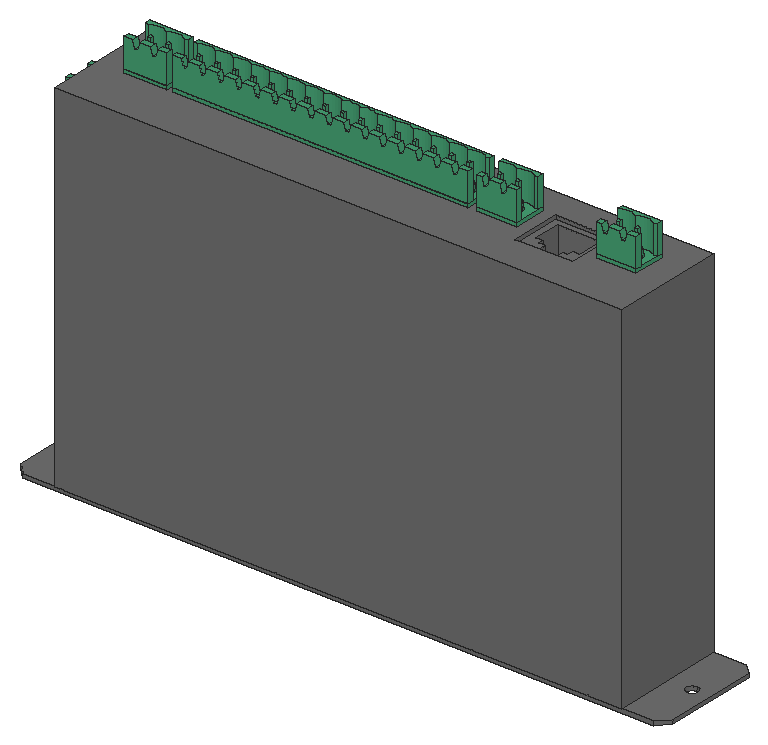
Revit family "Б419_RV17_LOD400 (05.11.23)", category Электрооборудование, Revit 2017 (continued)
Automatic sketch dimensions
  Extrusion 4 sketch curve to Extrusion 4 sketch curve = 0 mm
  Extrusion 4 sketch curve to Extrusion 4 sketch curve = 0.961 mm
  Extrusion 4 sketch curve to plane 1 "По центру (Вперед/Назад)" = 2.461 mm
  Extrusion 4 sketch curve to Extrusion 4 sketch curve = 3.459 mm
  Extrusion 4 sketch curve to plane 1 "По центру (Вперед/Назад)" = 2.487 mm
  Extrusion 4 sketch curve to Extrusion 4 sketch curve = 4.963 mm
  Extrusion 4 sketch curve to Extrusion 4 sketch curve = 5.21 mm
  Extrusion 4 sketch curve to Extrusion 4 sketch curve = 2.658 mm  (x2)
  plane 1 "По центру (Вперед/Назад)" to Extrusion 4 sketch curve = 0.936 mm
  Extrusion 4 sketch curve to plane 1 "По центру (Вперед/Назад)" = 2.726 mm
  Extrusion 4 sketch curve to Extrusion 4 sketch curve = 1.532 mm
  Extrusion 4 sketch curve to Extrusion 4 sketch curve = 1.367 mm
  Extrusion 4 sketch curve to Extrusion 4 sketch curve = 2.493 mm
  Blend 5 sketch curve to plane 1 "По центру (Вперед/Назад)" = 3.938 mm  (x2)
  level to Blend 5 sketch curve = 21.792 mm  (x2)
  Blend 6 sketch curve to plane 1 "По центру (Вперед/Назад)" = 3.938 mm  (x2)
  level to Blend 6 sketch curve = 26.792 mm  (x2)
  Blend 7 sketch curve to plane 1 "По центру (Вперед/Назад)" = 3.938 mm  (x2)
  level to Blend 7 sketch curve = 31.792 mm  (x2)
  Blend 8 sketch curve to plane 1 "По центру (Вперед/Назад)" = 4.412 mm
  level to Blend 8 sketch curve = 21.34 mm
  Blend 8 sketch curve to Blend 8 sketch curve = 0.926 mm
  Blend 8 sketch curve to Blend 8 sketch curve = 0.922 mm
  Blend 8 sketch curve to plane 1 "По центру (Вперед/Назад)" = 4.36 mm
  level to Blend 8 sketch curve = 21.411 mm
  Blend 8 sketch curve to Blend 8 sketch curve = 0.802 mm
  Blend 8 sketch curve to Blend 8 sketch curve = 0.786 mm
  Blend 9 sketch curve to plane 1 "По центру (Вперед/Назад)" = 4.412 mm
  level to Blend 9 sketch curve = 26.34 mm
  Blend 9 sketch curve to Blend 9 sketch curve = 0.926 mm
  Blend 9 sketch curve to Blend 9 sketch curve = 0.922 mm
  Blend 9 sketch curve to plane 1 "По центру (Вперед/Назад)" = 4.36 mm
  level to Blend 9 sketch curve = 26.411 mm
  Blend 9 sketch curve to Blend 9 sketch curve = 0.802 mm
  Blend 9 sketch curve to Blend 9 sketch curve = 0.786 mm
  Blend 10 sketch curve to plane 1 "По центру (Вперед/Назад)" = 4.412 mm
  level to Blend 10 sketch curve = 31.34 mm
  Blend 10 sketch curve to Blend 10 sketch curve = 0.926 mm
  Blend 10 sketch curve to Blend 10 sketch curve = 0.922 mm
  Blend 10 sketch curve to plane 1 "По центру (Вперед/Назад)" = 4.36 mm
  level to Blend 10 sketch curve = 31.411 mm
  Blend 10 sketch curve to Blend 10 sketch curve = 0.802 mm
  Blend 10 sketch curve to Blend 10 sketch curve = 0.786 mm
  plane 1 "По центру (Вперед/Назад)" to Blend 11 sketch curve = 0.936 mm  (x2)
  level to Blend 11 sketch curve = 30.836 mm
  Blend 11 sketch curve to plane 1 "По центру (Вперед/Назад)" = 0.653 mm  (x2)
  Blend 11 sketch curve to Blend 11 sketch curve = 1.996 mm
  level to Blend 11 sketch curve = 31.342 mm
  Blend 11 sketch curve to Blend 11 sketch curve = 1.047 mm
  plane 1 "По центру (Вперед/Назад)" to Blend 12 sketch curve = 0.936 mm  (x2)
  level to Blend 12 sketch curve = 25.836 mm
  Blend 12 sketch curve to plane 1 "По центру (Вперед/Назад)" = 0.653 mm  (x2)
  Blend 12 sketch curve to Blend 12 sketch curve = 1.996 mm
  level to Blend 12 sketch curve = 26.342 mm
  Blend 12 sketch curve to Blend 12 sketch curve = 1.047 mm
  plane 1 "По центру (Вперед/Назад)" to Blend 13 sketch curve = 0.936 mm  (x2)
  level to Blend 13 sketch curve = 20.836 mm
  Blend 13 sketch curve to plane 1 "По центру (Вперед/Назад)" = 0.653 mm  (x2)
  Blend 13 sketch curve to Blend 13 sketch curve = 1.996 mm
  level to Blend 13 sketch curve = 21.342 mm
  Blend 13 sketch curve to Blend 13 sketch curve = 1.047 mm
  Extrusion 14 sketch curve to plane 10 "3" = 7.592 mm
  plane 1 "По центру (Вперед/Назад)" to Extrusion 14 sketch curve = 1.372 mm
  Extrusion 14 sketch curve to Extrusion 14 sketch curve = 10.988 mm
  Extrusion 14 sketch curve to plane 1 "По центру (Вперед/Назад)" = 7.628 mm
  plane 1 "По центру (Вперед/Назад)" to Extrusion 15 sketch curve = 1.372 mm
  Extrusion 15 sketch curve to plane 10 "3" = 7.592 mm
  Extrusion 15 sketch curve to Extrusion 15 sketch curve = 0 mm
  Extrusion 15 sketch curve to Extrusion 15 sketch curve = 1.03 mm
  Extrusion 15 sketch curve to Extrusion 15 sketch curve = 3.53 mm
  Extrusion 15 sketch curve to plane 1 "По центру (Вперед/Назад)" = 2.009 mm  (x2)
  Extrusion 15 sketch curve to Extrusion 15 sketch curve = 5 mm
  Extrusion 15 sketch curve to plane 1 "По центру (Вперед/Назад)" = 0.217 mm
  Extrusion 15 sketch curve to Extrusion 15 sketch curve = 2.458 mm
  Extrusion 15 sketch curve to Extrusion 15 sketch curve = 2.47 mm
  Extrusion 15 sketch curve to Extrusion 15 sketch curve = 4.071 mm
  Extrusion 15 sketch curve to Extrusion 15 sketch curve = 4.089 mm
  Extrusion 15 sketch curve to Extrusion 15 sketch curve = 1.547 mm
  Blend 16 sketch curve to plane 1 "По центру (Вперед/Назад)" = 3.502 mm  (x2)
  Blend 16 sketch curve to plane 10 "3" = 16.122 mm  (x2)
  Blend 17 sketch curve to plane 1 "По центру (Вперед/Назад)" = 3.054 mm
  Blend 17 sketch curve to plane 10 "3" = 15.648 mm
  Blend 17 sketch curve to Blend 17 sketch curve = 0.926 mm
  Blend 17 sketch curve to Blend 17 sketch curve = 0.922 mm
  Blend 17 sketch curve to plane 1 "По центру (Вперед/Назад)" = 3.138 mm
  Blend 17 sketch curve to plane 10 "3" = 15.701 mm
  Blend 17 sketch curve to Blend 17 sketch curve = 0.802 mm
  Blend 17 sketch curve to Blend 17 sketch curve = 0.786 mm
  plane 1 "По центру (Вперед/Назад)" to Blend 18 sketch curve = 1.372 mm  (x2)
  Blend 18 sketch curve to plane 10 "3" = 12.078 mm
  Blend 18 sketch curve to plane 1 "По центру (Вперед/Назад)" = 0.217 mm  (x2)
  Blend 18 sketch curve to Blend 18 sketch curve = 1.996 mm
  Blend 18 sketch curve to plane 10 "3" = 11.572 mm
  Blend 18 sketch curve to Blend 18 sketch curve = 1.047 mm
  Blend 19 sketch curve to plane 1 "По центру (Вперед/Назад)" = 3.502 mm  (x2)
  Blend 19 sketch curve to plane 10 "3" = 11.122 mm  (x2)
  Blend 20 sketch curve to plane 1 "По центру (Вперед/Назад)" = 3.054 mm
  Blend 20 sketch curve to plane 10 "3" = 10.648 mm
  Blend 20 sketch curve to Blend 20 sketch curve = 0.926 mm
  Blend 20 sketch curve to Blend 20 sketch curve = 0.922 mm
  Blend 20 sketch curve to plane 1 "По центру (Вперед/Назад)" = 3.138 mm
  Blend 20 sketch curve to plane 10 "3" = 10.701 mm
  Blend 20 sketch curve to Blend 20 sketch curve = 0.802 mm
  Blend 20 sketch curve to Blend 20 sketch curve = 0.786 mm
  plane 1 "По центру (Вперед/Назад)" to Blend 21 sketch curve = 1.372 mm  (x2)
  Blend 21 sketch curve to plane 10 "3" = 17.078 mm
  Blend 21 sketch curve to plane 1 "По центру (Вперед/Назад)" = 0.217 mm  (x2)
  Blend 21 sketch curve to Blend 21 sketch curve = 1.996 mm
  Blend 21 sketch curve to plane 10 "3" = 16.572 mm
  Blend 21 sketch curve to Blend 21 sketch curve = 1.047 mm
  plane 1 "По центру (Вперед/Назад)" to Extrusion 22 sketch curve = 0.936 mm
  level to Extrusion 22 sketch curve = 36.16 mm
  Extrusion 22 sketch curve to plane 12 = 7.936 mm
  Extrusion 22 sketch curve to Extrusion 22 sketch curve = 16.29 mm
  Extrusion 23 sketch curve to plane 12 = 7.936 mm
  level to Extrusion 23 sketch curve = 36.16 mm
  Extrusion 23 sketch curve to plane 1 "По центру (Вперед/Назад)" = 0.653 mm
  Extrusion 23 sketch curve to Extrusion 23 sketch curve = 0 mm
  Extrusion 23 sketch curve to Extrusion 23 sketch curve = 0.961 mm
  Extrusion 23 sketch curve to plane 1 "По центру (Вперед/Назад)" = 2.461 mm
  Extrusion 23 sketch curve to Extrusion 23 sketch curve = 3.459 mm
  Extrusion 23 sketch curve to plane 1 "По центру (Вперед/Назад)" = 2.487 mm
  Extrusion 23 sketch curve to Extrusion 23 sketch curve = 4.963 mm
  Extrusion 23 sketch curve to Extrusion 23 sketch curve = 5.21 mm
  Extrusion 23 sketch curve to Extrusion 23 sketch curve = 2.658 mm  (x2)
  plane 1 "По центру (Вперед/Назад)" to Extrusion 23 sketch curve = 0.936 mm
  Extrusion 23 sketch curve to plane 1 "По центру (Вперед/Назад)" = 2.726 mm
  Extrusion 23 sketch curve to Extrusion 23 sketch curve = 1.532 mm
  Extrusion 23 sketch curve to Extrusion 23 sketch curve = 1.367 mm
  Extrusion 23 sketch curve to Extrusion 23 sketch curve = 2.493 mm
  Blend 24 sketch curve to plane 1 "По центру (Вперед/Назад)" = 3.938 mm  (x2)
  level to Blend 24 sketch curve = 39.63 mm  (x2)
  Blend 25 sketch curve to plane 1 "По центру (Вперед/Назад)" = 3.938 mm  (x2)
  level to Blend 25 sketch curve = 44.63 mm  (x2)
  Blend 26 sketch curve to plane 1 "По центру (Вперед/Назад)" = 3.938 mm  (x2)
  level to Blend 26 sketch curve = 49.466 mm  (x2)
  Blend 27 sketch curve to plane 1 "По центру (Вперед/Назад)" = 4.412 mm
  level to Blend 27 sketch curve = 39.178 mm
  Blend 27 sketch curve to Blend 27 sketch curve = 0.926 mm
  Blend 27 sketch curve to Blend 27 sketch curve = 0.922 mm
  Blend 27 sketch curve to plane 1 "По центру (Вперед/Назад)" = 4.36 mm
  level to Blend 27 sketch curve = 39.249 mm
  Blend 27 sketch curve to Blend 27 sketch curve = 0.802 mm
  Blend 27 sketch curve to Blend 27 sketch curve = 0.786 mm
  Blend 28 sketch curve to plane 1 "По центру (Вперед/Назад)" = 4.412 mm
  level to Blend 28 sketch curve = 44.178 mm
  Blend 28 sketch curve to Blend 28 sketch curve = 0.926 mm
  Blend 28 sketch curve to Blend 28 sketch curve = 0.922 mm
  Blend 28 sketch curve to plane 1 "По центру (Вперед/Назад)" = 4.36 mm
  level to Blend 28 sketch curve = 44.249 mm
  Blend 28 sketch curve to Blend 28 sketch curve = 0.802 mm
  Blend 28 sketch curve to Blend 28 sketch curve = 0.786 mm
  Blend 29 sketch curve to plane 1 "По центру (Вперед/Назад)" = 4.412 mm
  level to Blend 29 sketch curve = 49.014 mm
  Blend 29 sketch curve to Blend 29 sketch curve = 0.926 mm
  Blend 29 sketch curve to Blend 29 sketch curve = 0.922 mm
  Blend 29 sketch curve to plane 1 "По центру (Вперед/Назад)" = 4.36 mm
  level to Blend 29 sketch curve = 49.085 mm
  Blend 29 sketch curve to Blend 29 sketch curve = 0.802 mm
  Blend 29 sketch curve to Blend 29 sketch curve = 0.786 mm
  plane 1 "По центру (Вперед/Назад)" to Blend 30 sketch curve = 0.936 mm  (x2)
  level to Blend 30 sketch curve = 48.51 mm
  Blend 30 sketch curve to plane 1 "По центру (Вперед/Назад)" = 0.653 mm  (x2)
  Blend 30 sketch curve to Blend 30 sketch curve = 1.996 mm
  level to Blend 30 sketch curve = 49.016 mm
  Blend 30 sketch curve to Blend 30 sketch curve = 1.047 mm
  plane 1 "По центру (Вперед/Назад)" to Blend 31 sketch curve = 0.936 mm  (x2)
  level to Blend 31 sketch curve = 43.674 mm
  Blend 31 sketch curve to plane 1 "По центру (Вперед/Назад)" = 0.653 mm  (x2)
  Blend 31 sketch curve to Blend 31 sketch curve = 1.996 mm
  level to Blend 31 sketch curve = 44.18 mm
  Blend 31 sketch curve to Blend 31 sketch curve = 1.047 mm
  plane 1 "По центру (Вперед/Назад)" to Blend 32 sketch curve = 0.936 mm  (x2)
  level to Blend 32 sketch curve = 38.674 mm
  Blend 32 sketch curve to plane 1 "По центру (Вперед/Назад)" = 0.653 mm  (x2)
  Blend 32 sketch curve to Blend 32 sketch curve = 1.996 mm
  level to Blend 32 sketch curve = 39.18 mm
  Blend 32 sketch curve to Blend 32 sketch curve = 1.047 mm
  plane 1 "По центру (Вперед/Назад)" to Extrusion 33 sketch curve = 0.936 mm
  Extrusion 33 sketch curve to plane 14 = 39.578 mm
  Extrusion 33 sketch curve to plane 14 = 6.998 mm
  Extrusion 33 sketch curve to plane 12 = 7.936 mm
  Extrusion 34 sketch curve to plane 12 = 7.936 mm
  Extrusion 34 sketch curve to plane 14 = 39.578 mm
  Extrusion 34 sketch curve to plane 1 "По центру (Вперед/Назад)" = 0.653 mm
  Extrusion 34 sketch curve to Extrusion 34 sketch curve = 0 mm  (x2)
  Extrusion 34 sketch curve to Extrusion 34 sketch curve = 0.961 mm  (x2)
  Extrusion 34 sketch curve to plane 1 "По центру (Вперед/Назад)" = 2.461 mm  (x2)
  Extrusion 34 sketch curve to Extrusion 34 sketch curve = 3.459 mm  (x2)
  Extrusion 34 sketch curve to Extrusion 34 sketch curve = 4.963 mm  (x2)
  Extrusion 34 sketch curve to plane 1 "По центру (Вперед/Назад)" = 2.726 mm  (x2)
  Extrusion 34 sketch curve to Extrusion 34 sketch curve = 5.21 mm  (x2)
  plane 1 "По центру (Вперед/Назад)" to Extrusion 34 sketch curve = 0.936 mm
  Extrusion 34 sketch curve to Extrusion 34 sketch curve = 2.658 mm  (x3)
  Extrusion 34 sketch curve to plane 1 "По центру (Вперед/Назад)" = 2.487 mm  (x2)
  Extrusion 34 sketch curve to Extrusion 34 sketch curve = 2.499 mm
  Extrusion 34 sketch curve to Extrusion 34 sketch curve = 1.532 mm  (x2)
  Extrusion 34 sketch curve to Extrusion 34 sketch curve = 2.493 mm
  Extrusion 34 sketch curve to Extrusion 34 sketch curve = 2.411 mm  (x2)
  Blend 35 sketch curve to plane 1 "По центру (Вперед/Назад)" = 3.938 mm  (x2)
  Blend 35 sketch curve to plane 14 = 36.108 mm  (x2)
  Blend 36 sketch curve to plane 1 "По центру (Вперед/Назад)" = 3.938 mm  (x2)
  Blend 36 sketch curve to plane 14 = 31.108 mm  (x2)
  Blend 37 sketch curve to plane 1 "По центру (Вперед/Назад)" = 3.938 mm  (x2)
  Blend 37 sketch curve to plane 14 = 26.108 mm  (x2)
  Blend 38 sketch curve to plane 1 "По центру (Вперед/Назад)" = 4.412 mm
  Blend 38 sketch curve to plane 14 = 36.56 mm
  Blend 38 sketch curve to Blend 38 sketch curve = 0.926 mm
  Blend 38 sketch curve to Blend 38 sketch curve = 0.922 mm
  Blend 38 sketch curve to plane 1 "По центру (Вперед/Назад)" = 4.36 mm
  Blend 38 sketch curve to plane 14 = 36.489 mm
  Blend 38 sketch curve to Blend 38 sketch curve = 0.802 mm
  Blend 38 sketch curve to Blend 38 sketch curve = 0.786 mm
  Blend 39 sketch curve to plane 1 "По центру (Вперед/Назад)" = 4.412 mm
  Blend 39 sketch curve to plane 14 = 31.56 mm
  Blend 39 sketch curve to Blend 39 sketch curve = 0.926 mm
  Blend 39 sketch curve to Blend 39 sketch curve = 0.922 mm
  Blend 39 sketch curve to plane 1 "По центру (Вперед/Назад)" = 4.36 mm
  Blend 39 sketch curve to plane 14 = 31.489 mm
  Blend 39 sketch curve to Blend 39 sketch curve = 0.802 mm
  Blend 39 sketch curve to Blend 39 sketch curve = 0.786 mm
  Blend 40 sketch curve to plane 1 "По центру (Вперед/Назад)" = 4.412 mm
  Blend 40 sketch curve to plane 14 = 26.56 mm
  Blend 40 sketch curve to Blend 40 sketch curve = 0.926 mm
  Blend 40 sketch curve to Blend 40 sketch curve = 0.922 mm
  Blend 40 sketch curve to plane 1 "По центру (Вперед/Назад)" = 4.36 mm
  Blend 40 sketch curve to plane 14 = 26.489 mm
  Blend 40 sketch curve to Blend 40 sketch curve = 0.802 mm
  Blend 40 sketch curve to Blend 40 sketch curve = 0.786 mm
  plane 1 "По центру (Вперед/Назад)" to Blend 41 sketch curve = 0.936 mm  (x2)
  Blend 41 sketch curve to plane 14 = 27.064 mm
  Blend 41 sketch curve to plane 1 "По центру (Вперед/Назад)" = 0.653 mm  (x2)
  Blend 41 sketch curve to Blend 41 sketch curve = 1.996 mm
  Blend 41 sketch curve to plane 14 = 26.558 mm
  Blend 41 sketch curve to Blend 41 sketch curve = 1.047 mm
  plane 1 "По центру (Вперед/Назад)" to Blend 42 sketch curve = 0.936 mm  (x2)
  Blend 42 sketch curve to plane 14 = 32.064 mm
  Blend 42 sketch curve to plane 1 "По центру (Вперед/Назад)" = 0.653 mm  (x2)
  Blend 42 sketch curve to Blend 42 sketch curve = 1.996 mm
  Blend 42 sketch curve to plane 14 = 31.558 mm
  Blend 42 sketch curve to Blend 42 sketch curve = 1.047 mm
  plane 1 "По центру (Вперед/Назад)" to Blend 43 sketch curve = 0.936 mm  (x2)
  Blend 43 sketch curve to plane 14 = 37.064 mm
  Blend 43 sketch curve to plane 1 "По центру (Вперед/Назад)" = 0.653 mm  (x2)
  Blend 43 sketch curve to Blend 43 sketch curve = 1.996 mm
  Blend 43 sketch curve to plane 14 = 36.558 mm
  Blend 43 sketch curve to Blend 43 sketch curve = 1.047 mm
  Blend 44 sketch curve to plane 1 "По центру (Вперед/Назад)" = 3.938 mm  (x2)
  Blend 44 sketch curve to plane 14 = 20.62 mm  (x2)
  Blend 45 sketch curve to plane 1 "По центру (Вперед/Назад)" = 4.412 mm
  Blend 45 sketch curve to plane 14 = 21.072 mm
  Blend 45 sketch curve to Blend 45 sketch curve = 0.926 mm
  Blend 45 sketch curve to Blend 45 sketch curve = 0.922 mm
  Blend 45 sketch curve to plane 1 "По центру (Вперед/Назад)" = 4.36 mm
  Blend 45 sketch curve to plane 14 = 21.001 mm
  Blend 45 sketch curve to Blend 45 sketch curve = 0.802 mm
  Blend 45 sketch curve to Blend 45 sketch curve = 0.786 mm
  Blend 46 sketch curve to plane 1 "По центру (Вперед/Назад)" = 4.189 mm  (x2)
  Blend 46 sketch curve to plane 14 = 15.448 mm  (x2)
  Blend 47 sketch curve to plane 1 "По центру (Вперед/Назад)" = 4.663 mm
  Blend 47 sketch curve to plane 14 = 15.9 mm
  Blend 47 sketch curve to Blend 47 sketch curve = 0.926 mm
  Blend 47 sketch curve to Blend 47 sketch curve = 0.922 mm
  Blend 47 sketch curve to plane 1 "По центру (Вперед/Назад)" = 4.611 mm
  Blend 47 sketch curve to plane 14 = 15.829 mm
  Blend 47 sketch curve to Blend 47 sketch curve = 0.802 mm
  Blend 47 sketch curve to Blend 47 sketch curve = 0.786 mm
  Blend 48 sketch curve to plane 1 "По центру (Вперед/Назад)" = 4.439 mm  (x2)
  Blend 48 sketch curve to plane 14 = 10.276 mm  (x2)
  Blend 49 sketch curve to plane 1 "По центру (Вперед/Назад)" = 4.914 mm
  Blend 49 sketch curve to plane 14 = 10.728 mm
  Blend 49 sketch curve to Blend 49 sketch curve = 0.926 mm
  Blend 49 sketch curve to Blend 49 sketch curve = 0.922 mm
  Blend 49 sketch curve to plane 1 "По центру (Вперед/Назад)" = 4.862 mm
  Blend 49 sketch curve to plane 14 = 10.657 mm
  Blend 49 sketch curve to Blend 49 sketch curve = 0.802 mm
  Blend 49 sketch curve to Blend 49 sketch curve = 0.786 mm
  plane 1 "По центру (Вперед/Назад)" to Blend 50 sketch curve = 0.936 mm  (x2)
  Blend 50 sketch curve to plane 14 = 21.473 mm
  Blend 50 sketch curve to plane 1 "По центру (Вперед/Назад)" = 0.653 mm  (x2)
  Blend 50 sketch curve to Blend 50 sketch curve = 1.996 mm
  Blend 50 sketch curve to plane 14 = 20.966 mm
  Blend 50 sketch curve to Blend 50 sketch curve = 1.047 mm
  plane 1 "По центру (Вперед/Назад)" to Blend 51 sketch curve = 0.936 mm  (x2)
  Blend 51 sketch curve to plane 14 = 16.301 mm
  Blend 51 sketch curve to plane 1 "По центру (Вперед/Назад)" = 0.653 mm  (x2)
  Blend 51 sketch curve to Blend 51 sketch curve = 1.996 mm
  Blend 51 sketch curve to plane 14 = 15.794 mm
  Blend 51 sketch curve to Blend 51 sketch curve = 1.047 mm
  plane 1 "По центру (Вперед/Назад)" to Blend 52 sketch curve = 0.936 mm  (x2)
  Blend 52 sketch curve to plane 14 = 11.301 mm
  Blend 52 sketch curve to plane 1 "По центру (Вперед/Назад)" = 0.653 mm  (x2)
  Blend 52 sketch curve to Blend 52 sketch curve = 1.996 mm
  Blend 52 sketch curve to plane 14 = 10.794 mm
  Blend 52 sketch curve to Blend 52 sketch curve = 1.047 mm
  Extrusion 53 sketch curve to plane 1 "По центру (Вперед/Назад)" = 7.628 mm
  Extrusion 53 sketch curve to plane 11 "2" = 19.348 mm
  plane 1 "По центру (Вперед/Назад)" to Extrusion 53 sketch curve = 1.372 mm
  Extrusion 53 sketch curve to plane 11 "2" = 7.408 mm
  Extrusion 54 sketch curve to plane 1 "По центру (Вперед/Назад)" = 0.217 mm
  Extrusion 54 sketch curve to plane 11 "2" = 19.348 mm
  Extrusion 54 sketch curve to Extrusion 54 sketch curve = 0 mm
  Extrusion 54 sketch curve to Extrusion 54 sketch curve = 0.97 mm  (x3)
  Extrusion 54 sketch curve to plane 1 "По центру (Вперед/Назад)" = 2.009 mm  (x2)
  Extrusion 54 sketch curve to Extrusion 54 sketch curve = 3.47 mm  (x2)
  Extrusion 54 sketch curve to Extrusion 54 sketch curve = 5 mm
  Extrusion 54 sketch curve to Extrusion 54 sketch curve = 2.5 mm
  Extrusion 54 sketch curve to Extrusion 54 sketch curve = 4.071 mm  (x2)
  Extrusion 54 sketch curve to Extrusion 54 sketch curve = 1.547 mm
  plane 1 "По центру (Вперед/Назад)" to Extrusion 54 sketch curve = 1.372 mm
  Blend 55 sketch curve to plane 1 "По центру (Вперед/Назад)" = 3.502 mm  (x2)
  Blend 55 sketch curve to plane 11 "2" = 10.878 mm  (x2)
  Blend 56 sketch curve to plane 1 "По центру (Вперед/Назад)" = 3.502 mm  (x2)
  Blend 56 sketch curve to plane 11 "2" = 15.878 mm  (x2)
  Blend 57 sketch curve to plane 1 "По центру (Вперед/Назад)" = 3.054 mm
  Blend 57 sketch curve to plane 11 "2" = 11.352 mm
  Blend 57 sketch curve to Blend 57 sketch curve = 0.926 mm
  Blend 57 sketch curve to Blend 57 sketch curve = 0.922 mm
  Blend 57 sketch curve to plane 1 "По центру (Вперед/Назад)" = 3.138 mm
  Blend 57 sketch curve to plane 11 "2" = 11.299 mm
  Blend 57 sketch curve to Blend 57 sketch curve = 0.802 mm
  Blend 57 sketch curve to Blend 57 sketch curve = 0.786 mm
  Blend 58 sketch curve to plane 1 "По центру (Вперед/Назад)" = 3.054 mm
  Blend 58 sketch curve to plane 11 "2" = 16.352 mm
  Blend 58 sketch curve to Blend 58 sketch curve = 0.926 mm
  Blend 58 sketch curve to Blend 58 sketch curve = 0.922 mm
  Blend 58 sketch curve to plane 1 "По центру (Вперед/Назад)" = 3.138 mm
  Blend 58 sketch curve to plane 11 "2" = 16.299 mm
  Blend 58 sketch curve to Blend 58 sketch curve = 0.802 mm
  Blend 58 sketch curve to Blend 58 sketch curve = 0.786 mm
  plane 1 "По центру (Вперед/Назад)" to Blend 59 sketch curve = 1.372 mm  (x2)
  Blend 59 sketch curve to plane 11 "2" = 16.918 mm
  Blend 59 sketch curve to plane 1 "По центру (Вперед/Назад)" = 0.217 mm  (x2)
  Blend 59 sketch curve to Blend 59 sketch curve = 1.996 mm
  Blend 59 sketch curve to plane 11 "2" = 16.476 mm
  Blend 59 sketch curve to Blend 59 sketch curve = 1.047 mm
  plane 1 "По центру (Вперед/Назад)" to Blend 60 sketch curve = 1.372 mm  (x2)
  Blend 60 sketch curve to plane 11 "2" = 11.918 mm
  Blend 60 sketch curve to plane 1 "По центру (Вперед/Назад)" = 0.217 mm  (x2)
  Blend 60 sketch curve to Blend 60 sketch curve = 1.996 mm
  Blend 60 sketch curve to plane 11 "2" = 11.476 mm
  Blend 60 sketch curve to Blend 60 sketch curve = 1.047 mm
  Extrusion 61 sketch curve to plane 1 "По центру (Вперед/Назад)" = 7.628 mm
  plane 3 "По центру (Влево/Вправо)" to Extrusion 61 sketch curve = 24.375 mm
  plane 1 "По центру (Вперед/Назад)" to Extrusion 61 sketch curve = 1.372 mm
  Extrusion 61 sketch curve to plane 11 "2" = 20.875 mm
  plane 1 "По центру (Вперед/Назад)" to Extrusion 62 sketch curve = 1.372 mm
  plane 3 "По центру (Влево/Вправо)" to Extrusion 62 sketch curve = 24.375 mm
  Extrusion 62 sketch curve to Extrusion 62 sketch curve = 0 mm
  Extrusion 62 sketch curve to Extrusion 62 sketch curve = 1.03 mm
  Extrusion 62 sketch curve to plane 1 "По центру (Вперед/Назад)" = 2.009 mm  (x16)
  Extrusion 62 sketch curve to Extrusion 62 sketch curve = 3.53 mm
  Extrusion 62 sketch curve to Extrusion 62 sketch curve = 5 mm  (x13)
  plane 3 "По центру (Влево/Вправо)" to Extrusion 62 sketch curve = 0.845 mm
  Extrusion 62 sketch curve to plane 3 "По центру (Влево/Вправо)" = 4.155 mm
  Extrusion 62 sketch curve to Extrusion 62 sketch curve = 2.5 mm  (x13)
  Extrusion 62 sketch curve to plane 1 "По центру (Вперед/Назад)" = 0.217 mm
  Extrusion 62 sketch curve to Extrusion 62 sketch curve = 3.47 mm
  Extrusion 62 sketch curve to Extrusion 62 sketch curve = 0.97 mm
  Extrusion 62 sketch curve to Extrusion 62 sketch curve = 4.071 mm  (x2)
  Extrusion 62 sketch curve to Extrusion 62 sketch curve = 1.547 mm
  plane 3 "По центру (Влево/Вправо)" to Extrusion 62 sketch curve = 3.345 mm
  Extrusion 62 sketch curve to plane 3 "По центру (Влево/Вправо)" = 1.655 mm
  Blend 63 sketch curve to plane 1 "По центру (Вперед/Назад)" = 3.502 mm  (x2)
  Blend 63 sketch curve to plane 11 "2" = 34.345 mm  (x2)
  Blend 64 sketch curve to plane 1 "По центру (Вперед/Назад)" = 3.502 mm  (x2)
  Blend 64 sketch curve to plane 3 "По центру (Влево/Вправо)" = 39.155 mm  (x2)
  Blend 65 sketch curve to plane 1 "По центру (Вперед/Назад)" = 3.502 mm  (x2)
  Blend 65 sketch curve to plane 3 "По центру (Влево/Вправо)" = 34.155 mm  (x2)
  Blend 66 sketch curve to plane 1 "По центру (Вперед/Назад)" = 3.054 mm
  Blend 66 sketch curve to plane 11 "2" = 34.819 mm
  Blend 66 sketch curve to Blend 66 sketch curve = 0.926 mm
  Blend 66 sketch curve to Blend 66 sketch curve = 0.922 mm
  Blend 66 sketch curve to plane 1 "По центру (Вперед/Назад)" = 3.138 mm
  Blend 66 sketch curve to plane 11 "2" = 34.765 mm
  Blend 66 sketch curve to Blend 66 sketch curve = 0.802 mm
  Blend 66 sketch curve to Blend 66 sketch curve = 0.786 mm
  Blend 67 sketch curve to plane 1 "По центру (Вперед/Назад)" = 3.054 mm
  Blend 67 sketch curve to plane 3 "По центру (Влево/Вправо)" = 38.681 mm
  Blend 67 sketch curve to Blend 67 sketch curve = 0.926 mm
  Blend 67 sketch curve to Blend 67 sketch curve = 0.922 mm
  Blend 67 sketch curve to plane 1 "По центру (Вперед/Назад)" = 3.138 mm
  Blend 67 sketch curve to plane 3 "По центру (Влево/Вправо)" = 38.735 mm
  Blend 67 sketch curve to Blend 67 sketch curve = 0.802 mm
  Blend 67 sketch curve to Blend 67 sketch curve = 0.786 mm
  Blend 68 sketch curve to plane 1 "По центру (Вперед/Назад)" = 3.054 mm
  Blend 68 sketch curve to plane 3 "По центру (Влево/Вправо)" = 33.681 mm
  Blend 68 sketch curve to Blend 68 sketch curve = 0.926 mm
  Blend 68 sketch curve to Blend 68 sketch curve = 0.922 mm
  Blend 68 sketch curve to plane 1 "По центру (Вперед/Назад)" = 3.138 mm
  Blend 68 sketch curve to plane 3 "По центру (Влево/Вправо)" = 33.735 mm
  Blend 68 sketch curve to Blend 68 sketch curve = 0.802 mm
  Blend 68 sketch curve to Blend 68 sketch curve = 0.786 mm
  plane 1 "По центру (Вперед/Назад)" to Blend 69 sketch curve = 1.372 mm  (x2)
  Blend 69 sketch curve to plane 3 "По центру (Влево/Вправо)" = 28.115 mm
  Blend 69 sketch curve to plane 1 "По центру (Вперед/Назад)" = 0.217 mm  (x2)
  Blend 69 sketch curve to Blend 69 sketch curve = 1.996 mm
  Blend 69 sketch curve to plane 3 "По центру (Влево/Вправо)" = 28.557 mm
  Blend 69 sketch curve to Blend 69 sketch curve = 1.047 mm
  Blend 70 sketch curve to plane 1 "По центру (Вперед/Назад)" = 3.502 mm  (x2)
  Blend 70 sketch curve to plane 3 "По центру (Влево/Вправо)" = 29.155 mm  (x2)
  Blend 71 sketch curve to plane 1 "По центру (Вперед/Назад)" = 3.054 mm
  Blend 71 sketch curve to plane 3 "По центру (Влево/Вправо)" = 28.681 mm
  Blend 71 sketch curve to Blend 71 sketch curve = 0.926 mm
  Blend 71 sketch curve to Blend 71 sketch curve = 0.922 mm
  Blend 71 sketch curve to plane 1 "По центру (Вперед/Назад)" = 3.138 mm
  Blend 71 sketch curve to plane 3 "По центру (Влево/Вправо)" = 28.735 mm
  Blend 71 sketch curve to Blend 71 sketch curve = 0.802 mm
  Blend 71 sketch curve to Blend 71 sketch curve = 0.786 mm
  plane 1 "По центру (Вперед/Назад)" to Blend 72 sketch curve = 1.372 mm  (x2)
  Blend 72 sketch curve to plane 3 "По центру (Влево/Вправо)" = 33.115 mm
  Blend 72 sketch curve to plane 1 "По центру (Вперед/Назад)" = 0.217 mm  (x2)
  Blend 72 sketch curve to Blend 72 sketch curve = 1.996 mm
  Blend 72 sketch curve to plane 3 "По центру (Влево/Вправо)" = 33.557 mm
  Blend 72 sketch curve to Blend 72 sketch curve = 1.047 mm
  plane 1 "По центру (Вперед/Назад)" to Blend 73 sketch curve = 1.372 mm  (x2)
  Blend 73 sketch curve to plane 3 "По центру (Влево/Вправо)" = 38.115 mm
  Blend 73 sketch curve to plane 1 "По центру (Вперед/Назад)" = 0.217 mm  (x2)
  Blend 73 sketch curve to Blend 73 sketch curve = 1.996 mm
  Blend 73 sketch curve to plane 3 "По центру (Влево/Вправо)" = 38.557 mm
  Blend 73 sketch curve to Blend 73 sketch curve = 1.047 mm
  plane 1 "По центру (Вперед/Назад)" to Blend 74 sketch curve = 1.372 mm  (x2)
  Blend 74 sketch curve to plane 11 "2" = 35.385 mm
  Blend 74 sketch curve to plane 1 "По центру (Вперед/Назад)" = 0.217 mm  (x2)
  Blend 74 sketch curve to Blend 74 sketch curve = 1.996 mm
  Blend 74 sketch curve to plane 11 "2" = 34.943 mm
  Blend 74 sketch curve to Blend 74 sketch curve = 1.047 mm
  Blend 75 sketch curve to plane 1 "По центру (Вперед/Назад)" = 3.502 mm  (x2)
  Blend 75 sketch curve to plane 11 "2" = 24.345 mm  (x2)
  Blend 76 sketch curve to plane 1 "По центру (Вперед/Назад)" = 3.502 mm  (x2)
  Blend 76 sketch curve to plane 11 "2" = 29.345 mm  (x2)
  Blend 77 sketch curve to plane 1 "По центру (Вперед/Назад)" = 3.054 mm
  Blend 77 sketch curve to plane 11 "2" = 24.819 mm
  Blend 77 sketch curve to Blend 77 sketch curve = 0.926 mm
  Blend 77 sketch curve to Blend 77 sketch curve = 0.922 mm
  Blend 77 sketch curve to plane 1 "По центру (Вперед/Назад)" = 3.138 mm
  Blend 77 sketch curve to plane 11 "2" = 24.765 mm
  Blend 77 sketch curve to Blend 77 sketch curve = 0.802 mm
  Blend 77 sketch curve to Blend 77 sketch curve = 0.786 mm
  Blend 78 sketch curve to plane 1 "По центру (Вперед/Назад)" = 3.054 mm
  Blend 78 sketch curve to plane 11 "2" = 29.819 mm
  Blend 78 sketch curve to Blend 78 sketch curve = 0.926 mm
  Blend 78 sketch curve to Blend 78 sketch curve = 0.922 mm
  Blend 78 sketch curve to plane 1 "По центру (Вперед/Назад)" = 3.138 mm
  Blend 78 sketch curve to plane 11 "2" = 29.765 mm
  Blend 78 sketch curve to Blend 78 sketch curve = 0.802 mm
  Blend 78 sketch curve to Blend 78 sketch curve = 0.786 mm
  plane 1 "По центру (Вперед/Назад)" to Blend 79 sketch curve = 1.372 mm  (x2)
  Blend 79 sketch curve to plane 11 "2" = 30.385 mm
  Blend 79 sketch curve to plane 1 "По центру (Вперед/Назад)" = 0.217 mm  (x2)
  Blend 79 sketch curve to Blend 79 sketch curve = 1.996 mm
  Blend 79 sketch curve to plane 11 "2" = 29.943 mm
  Blend 79 sketch curve to Blend 79 sketch curve = 1.047 mm
  plane 1 "По центру (Вперед/Назад)" to Blend 80 sketch curve = 1.372 mm  (x2)
  Blend 80 sketch curve to plane 11 "2" = 25.385 mm
  Blend 80 sketch curve to plane 1 "По центру (Вперед/Назад)" = 0.217 mm  (x2)
  Blend 80 sketch curve to Blend 80 sketch curve = 1.996 mm
  Blend 80 sketch curve to plane 11 "2" = 24.943 mm
  Blend 80 sketch curve to Blend 80 sketch curve = 1.047 mm
  Blend 81 sketch curve to plane 1 "По центру (Вперед/Назад)" = 3.502 mm  (x2)
  Blend 81 sketch curve to plane 3 "По центру (Влево/Вправо)" = 14.155 mm  (x2)
  Blend 82 sketch curve to plane 1 "По центру (Вперед/Назад)" = 3.502 mm  (x2)
  Blend 82 sketch curve to plane 3 "По центру (Влево/Вправо)" = 9.155 mm  (x2)
  Blend 83 sketch curve to plane 3 "По центру (Влево/Вправо)" = 4.155 mm  (x2)
  Blend 83 sketch curve to plane 1 "По центру (Вперед/Назад)" = 3.502 mm  (x2)
  Blend 84 sketch curve to plane 1 "По центру (Вперед/Назад)" = 3.054 mm
  Blend 84 sketch curve to plane 3 "По центру (Влево/Вправо)" = 13.681 mm
  Blend 84 sketch curve to Blend 84 sketch curve = 0.926 mm
  Blend 84 sketch curve to Blend 84 sketch curve = 0.922 mm
  Blend 84 sketch curve to plane 1 "По центру (Вперед/Назад)" = 3.138 mm
  Blend 84 sketch curve to plane 3 "По центру (Влево/Вправо)" = 13.735 mm
  Blend 84 sketch curve to Blend 84 sketch curve = 0.802 mm
  Blend 84 sketch curve to Blend 84 sketch curve = 0.786 mm
  Blend 85 sketch curve to plane 1 "По центру (Вперед/Назад)" = 3.054 mm
  Blend 85 sketch curve to plane 3 "По центру (Влево/Вправо)" = 8.681 mm
  Blend 85 sketch curve to Blend 85 sketch curve = 0.926 mm
  Blend 85 sketch curve to Blend 85 sketch curve = 0.922 mm
  Blend 85 sketch curve to plane 1 "По центру (Вперед/Назад)" = 3.138 mm
  Blend 85 sketch curve to plane 3 "По центру (Влево/Вправо)" = 8.735 mm
  Blend 85 sketch curve to Blend 85 sketch curve = 0.802 mm
  Blend 85 sketch curve to Blend 85 sketch curve = 0.786 mm
  Blend 86 sketch curve to plane 3 "По центру (Влево/Вправо)" = 3.681 mm
  Blend 86 sketch curve to Blend 86 sketch curve = 0.926 mm
  Blend 86 sketch curve to plane 1 "По центру (Вперед/Назад)" = 3.976 mm
  Blend 86 sketch curve to Blend 86 sketch curve = 0.922 mm
  Blend 86 sketch curve to plane 3 "По центру (Влево/Вправо)" = 3.735 mm
  Blend 86 sketch curve to Blend 86 sketch curve = 0.802 mm
  Blend 86 sketch curve to plane 1 "По центру (Вперед/Назад)" = 3.925 mm
  Blend 86 sketch curve to Blend 86 sketch curve = 0.786 mm
  plane 3 "По центру (Влево/Вправо)" to Blend 87 sketch curve = 1.885 mm
  Blend 87 sketch curve to plane 3 "По центру (Влево/Вправо)" = 0.111 mm
  Blend 87 sketch curve to plane 1 "По центру (Вперед/Назад)" = 0.217 mm  (x2)
  plane 1 "По центру (Вперед/Назад)" to Blend 87 sketch curve = 1.372 mm  (x2)
  plane 3 "По центру (Влево/Вправо)" to Blend 87 sketch curve = 1.443 mm
  plane 3 "По центру (Влево/Вправо)" to Blend 87 sketch curve = 0.395 mm
  plane 3 "По центру (Влево/Вправо)" to Blend 88 sketch curve = 0.845 mm  (x2)
  Blend 88 sketch curve to plane 1 "По центру (Вперед/Назад)" = 3.502 mm  (x2)
  plane 3 "По центру (Влево/Вправо)" to Blend 89 sketch curve = 1.319 mm
  plane 3 "По центру (Влево/Вправо)" to Blend 89 sketch curve = 0.393 mm
  Blend 89 sketch curve to plane 1 "По центру (Вперед/Назад)" = 3.976 mm
  Blend 89 sketch curve to Blend 89 sketch curve = 0.922 mm
  plane 3 "По центру (Влево/Вправо)" to Blend 89 sketch curve = 1.265 mm
  plane 3 "По центру (Влево/Вправо)" to Blend 89 sketch curve = 0.464 mm
  Blend 89 sketch curve to plane 1 "По центру (Вперед/Назад)" = 3.925 mm
  Blend 89 sketch curve to Blend 89 sketch curve = 0.786 mm
  plane 1 "По центру (Вперед/Назад)" to Blend 90 sketch curve = 1.372 mm  (x2)
  Blend 90 sketch curve to plane 3 "По центру (Влево/Вправо)" = 3.115 mm
  Blend 90 sketch curve to plane 1 "По центру (Вперед/Назад)" = 0.217 mm  (x2)
  Blend 90 sketch curve to Blend 90 sketch curve = 1.996 mm
  Blend 90 sketch curve to plane 3 "По центру (Влево/Вправо)" = 3.557 mm
  Blend 90 sketch curve to Blend 90 sketch curve = 1.047 mm
  plane 1 "По центру (Вперед/Назад)" to Blend 91 sketch curve = 1.372 mm  (x2)
  Blend 91 sketch curve to plane 3 "По центру (Влево/Вправо)" = 8.115 mm
  Blend 91 sketch curve to plane 1 "По центру (Вперед/Назад)" = 0.217 mm  (x2)
  Blend 91 sketch curve to Blend 91 sketch curve = 1.996 mm
  Blend 91 sketch curve to plane 3 "По центру (Влево/Вправо)" = 8.557 mm
  Blend 91 sketch curve to Blend 91 sketch curve = 1.047 mm
  plane 1 "По центру (Вперед/Назад)" to Blend 92 sketch curve = 1.372 mm  (x2)
  Blend 92 sketch curve to plane 3 "По центру (Влево/Вправо)" = 13.115 mm
  Blend 92 sketch curve to plane 1 "По центру (Вперед/Назад)" = 0.217 mm  (x2)
  Blend 92 sketch curve to Blend 92 sketch curve = 1.996 mm
  Blend 92 sketch curve to plane 3 "По центру (Влево/Вправо)" = 13.557 mm
  Blend 92 sketch curve to Blend 92 sketch curve = 1.047 mm
  Blend 93 sketch curve to plane 1 "По центру (Вперед/Назад)" = 3.502 mm  (x2)
  Blend 93 sketch curve to plane 3 "По центру (Влево/Вправо)" = 24.155 mm  (x2)
  Blend 94 sketch curve to plane 1 "По центру (Вперед/Назад)" = 3.502 mm  (x2)
  Blend 94 sketch curve to plane 3 "По центру (Влево/Вправо)" = 19.155 mm  (x2)
  Blend 95 sketch curve to plane 1 "По центру (Вперед/Назад)" = 3.054 mm
  Blend 95 sketch curve to plane 3 "По центру (Влево/Вправо)" = 23.681 mm
  Blend 95 sketch curve to Blend 95 sketch curve = 0.926 mm
  Blend 95 sketch curve to Blend 95 sketch curve = 0.922 mm
  Blend 95 sketch curve to plane 1 "По центру (Вперед/Назад)" = 3.138 mm
  Blend 95 sketch curve to plane 3 "По центру (Влево/Вправо)" = 23.735 mm
  Blend 95 sketch curve to Blend 95 sketch curve = 0.802 mm
  Blend 95 sketch curve to Blend 95 sketch curve = 0.786 mm
  Blend 96 sketch curve to plane 1 "По центру (Вперед/Назад)" = 3.054 mm
  Blend 96 sketch curve to plane 3 "По центру (Влево/Вправо)" = 18.681 mm
  Blend 96 sketch curve to Blend 96 sketch curve = 0.926 mm
  Blend 96 sketch curve to Blend 96 sketch curve = 0.922 mm
  Blend 96 sketch curve to plane 1 "По центру (Вперед/Назад)" = 3.138 mm
  Blend 96 sketch curve to plane 3 "По центру (Влево/Вправо)" = 18.735 mm
  Blend 96 sketch curve to Blend 96 sketch curve = 0.802 mm
  Blend 96 sketch curve to Blend 96 sketch curve = 0.786 mm
  plane 1 "По центру (Вперед/Назад)" to Blend 97 sketch curve = 1.372 mm  (x2)
  Blend 97 sketch curve to plane 3 "По центру (Влево/Вправо)" = 18.115 mm
  Blend 97 sketch curve to plane 1 "По центру (Вперед/Назад)" = 0.217 mm  (x2)
  Blend 97 sketch curve to Blend 97 sketch curve = 1.996 mm
  Blend 97 sketch curve to plane 3 "По центру (Влево/Вправо)" = 18.557 mm
  Blend 97 sketch curve to Blend 97 sketch curve = 1.047 mm
  plane 1 "По центру (Вперед/Назад)" to Blend 98 sketch curve = 1.372 mm  (x2)
  Blend 98 sketch curve to plane 3 "По центру (Влево/Вправо)" = 23.115 mm
  Blend 98 sketch curve to plane 1 "По центру (Вперед/Назад)" = 0.217 mm  (x2)
  Blend 98 sketch curve to Blend 98 sketch curve = 1.996 mm
  Blend 98 sketch curve to plane 3 "По центру (Влево/Вправо)" = 23.557 mm
  Blend 98 sketch curve to Blend 98 sketch curve = 1.047 mm
  plane 3 "По центру (Влево/Вправо)" to Blend 99 sketch curve = 5.845 mm  (x2)
  Blend 99 sketch curve to plane 1 "По центру (Вперед/Назад)" = 3.502 mm  (x2)
  Blend 100 sketch curve to plane 1 "По центру (Вперед/Назад)" = 3.502 mm  (x2)
  plane 3 "По центру (Влево/Вправо)" to Blend 100 sketch curve = 10.845 mm  (x2)
  Blend 101 sketch curve to plane 1 "По центру (Вперед/Назад)" = 3.502 mm  (x2)
  plane 3 "По центру (Влево/Вправо)" to Blend 101 sketch curve = 15.845 mm  (x2)
  Blend 102 sketch curve to plane 1 "По центру (Вперед/Назад)" = 3.054 mm
  plane 3 "По центру (Влево/Вправо)" to Blend 102 sketch curve = 6.319 mm
  Blend 102 sketch curve to Blend 102 sketch curve = 0.926 mm
  Blend 102 sketch curve to Blend 102 sketch curve = 0.922 mm
  plane 3 "По центру (Влево/Вправо)" to Blend 102 sketch curve = 6.265 mm
  Blend 102 sketch curve to Blend 102 sketch curve = 0.802 mm
  Blend 102 sketch curve to plane 1 "По центру (Вперед/Назад)" = 3.925 mm
  Blend 102 sketch curve to Blend 102 sketch curve = 0.786 mm
  Blend 103 sketch curve to plane 1 "По центру (Вперед/Назад)" = 3.054 mm
  plane 3 "По центру (Влево/Вправо)" to Blend 103 sketch curve = 11.319 mm
  Blend 103 sketch curve to Blend 103 sketch curve = 0.926 mm
  Blend 103 sketch curve to Blend 103 sketch curve = 0.922 mm
  Blend 103 sketch curve to plane 1 "По центру (Вперед/Назад)" = 3.138 mm
  plane 3 "По центру (Влево/Вправо)" to Blend 103 sketch curve = 11.265 mm
  Blend 103 sketch curve to Blend 103 sketch curve = 0.802 mm
  Blend 103 sketch curve to Blend 103 sketch curve = 0.786 mm
  Blend 104 sketch curve to plane 1 "По центру (Вперед/Назад)" = 3.054 mm
  plane 3 "По центру (Влево/Вправо)" to Blend 104 sketch curve = 16.319 mm
  Blend 104 sketch curve to Blend 104 sketch curve = 0.926 mm
  Blend 104 sketch curve to Blend 104 sketch curve = 0.922 mm
  Blend 104 sketch curve to plane 1 "По центру (Вперед/Назад)" = 3.138 mm
  plane 3 "По центру (Влево/Вправо)" to Blend 104 sketch curve = 16.265 mm
  Blend 104 sketch curve to Blend 104 sketch curve = 0.802 mm
  Blend 104 sketch curve to Blend 104 sketch curve = 0.786 mm
  plane 1 "По центру (Вперед/Назад)" to Blend 105 sketch curve = 1.372 mm  (x2)
  plane 3 "По центру (Влево/Вправо)" to Blend 105 sketch curve = 21.885 mm
  Blend 105 sketch curve to plane 1 "По центру (Вперед/Назад)" = 0.217 mm  (x2)
  Blend 105 sketch curve to Blend 105 sketch curve = 1.996 mm
  plane 3 "По центру (Влево/Вправо)" to Blend 105 sketch curve = 21.443 mm
  Blend 105 sketch curve to Blend 105 sketch curve = 1.047 mm
  Blend 106 sketch curve to plane 1 "По центру (Вперед/Назад)" = 3.502 mm  (x2)
  plane 3 "По центру (Влево/Вправо)" to Blend 106 sketch curve = 20.845 mm  (x2)
  Blend 107 sketch curve to plane 1 "По центру (Вперед/Назад)" = 3.054 mm
  plane 3 "По центру (Влево/Вправо)" to Blend 107 sketch curve = 21.319 mm
  Blend 107 sketch curve to Blend 107 sketch curve = 0.926 mm
  Blend 107 sketch curve to Blend 107 sketch curve = 0.922 mm
  Blend 107 sketch curve to plane 1 "По центру (Вперед/Назад)" = 3.138 mm
  plane 3 "По центру (Влево/Вправо)" to Blend 107 sketch curve = 21.265 mm
  Blend 107 sketch curve to Blend 107 sketch curve = 0.802 mm
  Blend 107 sketch curve to Blend 107 sketch curve = 0.786 mm
  plane 1 "По центру (Вперед/Назад)" to Blend 108 sketch curve = 1.372 mm  (x2)
  plane 3 "По центру (Влево/Вправо)" to Blend 108 sketch curve = 16.885 mm
  Blend 108 sketch curve to plane 1 "По центру (Вперед/Назад)" = 0.217 mm  (x2)
  Blend 108 sketch curve to Blend 108 sketch curve = 1.996 mm
  plane 3 "По центру (Влево/Вправо)" to Blend 108 sketch curve = 16.443 mm
  Blend 108 sketch curve to Blend 108 sketch curve = 1.047 mm
  plane 1 "По центру (Вперед/Назад)" to Blend 109 sketch curve = 1.372 mm  (x2)
  plane 3 "По центру (Влево/Вправо)" to Blend 109 sketch curve = 11.885 mm
  Blend 109 sketch curve to plane 1 "По центру (Вперед/Назад)" = 0.217 mm  (x2)
  Blend 109 sketch curve to Blend 109 sketch curve = 1.996 mm
  plane 3 "По центру (Влево/Вправо)" to Blend 109 sketch curve = 11.443 mm
  Blend 109 sketch curve to Blend 109 sketch curve = 1.047 mm
  plane 1 "По центру (Вперед/Назад)" to Blend 110 sketch curve = 1.372 mm  (x2)
  plane 3 "По центру (Влево/Вправо)" to Blend 110 sketch curve = 6.885 mm
  Blend 110 sketch curve to plane 1 "По центру (Вперед/Назад)" = 0.217 mm  (x2)
  Blend 110 sketch curve to Blend 110 sketch curve = 1.996 mm
  plane 3 "По центру (Влево/Вправо)" to Blend 110 sketch curve = 6.443 mm
  Blend 110 sketch curve to Blend 110 sketch curve = 1.047 mm
  Extrusion 111 sketch curve to plane 1 "По центру (Вперед/Назад)" = 6.09 mm
  Extrusion 111 sketch curve to plane 10 "3" = 23.349 mm
  Extrusion 111 sketch curve to Extrusion 111 sketch curve = 1.976 mm  (x2)
  Extrusion 111 sketch curve to Extrusion 111 sketch curve = 1.537 mm  (x2)
  Extrusion 111 sketch curve to Extrusion 111 sketch curve = 5 mm
  plane 1 "По центру (Вперед/Назад)" to Extrusion 111 sketch curve = 1.317 mm  (x2)
  Extrusion 111 sketch curve to Extrusion 111 sketch curve = 1.402 mm  (x2)
  Extrusion 111 sketch curve to Extrusion 111 sketch curve = 2.524 mm
  Extrusion 112 sketch curve to plane 1 "По центру (Вперед/Назад)" = 7.917 mm
  Extrusion 112 sketch curve to plane 10 "3" = 21.362 mm
  Extrusion 112 sketch curve to Extrusion 112 sketch curve = 16 mm
  plane 1 "По центру (Вперед/Назад)" to Extrusion 112 sketch curve = 6.083 mm
  Extrusion 113 sketch curve to plane 1 "По центру (Вперед/Назад)" = 7.628 mm
  plane 3 "По центру (Влево/Вправо)" to Extrusion 113 sketch curve = 37.77 mm
  plane 1 "По центру (Вперед/Назад)" to Extrusion 113 sketch curve = 1.372 mm
  Extrusion 113 sketch curve to Extrusion 113 sketch curve = 10.988 mm
  plane 1 "По центру (Вперед/Назад)" to Extrusion 114 sketch curve = 1.372 mm
  plane 3 "По центру (Влево/Вправо)" to Extrusion 114 sketch curve = 37.77 mm
  Extrusion 114 sketch curve to Extrusion 114 sketch curve = 0 mm
  Extrusion 114 sketch curve to Extrusion 114 sketch curve = 1.03 mm
  Extrusion 114 sketch curve to Extrusion 114 sketch curve = 3.53 mm
  Extrusion 114 sketch curve to plane 1 "По центру (Вперед/Назад)" = 2.009 mm  (x2)
  Extrusion 114 sketch curve to Extrusion 114 sketch curve = 5 mm
  Extrusion 114 sketch curve to plane 1 "По центру (Вперед/Назад)" = 0.217 mm
  Extrusion 114 sketch curve to Extrusion 114 sketch curve = 2.458 mm
  Extrusion 114 sketch curve to Extrusion 114 sketch curve = 2.47 mm
  Extrusion 114 sketch curve to Extrusion 114 sketch curve = 4.071 mm
  Extrusion 114 sketch curve to Extrusion 114 sketch curve = 4.089 mm
  Extrusion 114 sketch curve to Extrusion 114 sketch curve = 1.547 mm
  Blend 115 sketch curve to plane 1 "По центру (Вперед/Назад)" = 3.502 mm  (x2)
  plane 3 "По центру (Влево/Вправо)" to Blend 115 sketch curve = 29.24 mm  (x2)
  Blend 116 sketch curve to plane 1 "По центру (Вперед/Назад)" = 3.054 mm
  plane 3 "По центру (Влево/Вправо)" to Blend 116 sketch curve = 29.714 mm
  Blend 116 sketch curve to Blend 116 sketch curve = 0.926 mm
  Blend 116 sketch curve to Blend 116 sketch curve = 0.922 mm
  Blend 116 sketch curve to plane 1 "По центру (Вперед/Назад)" = 3.138 mm
  plane 3 "По центру (Влево/Вправо)" to Blend 116 sketch curve = 29.66 mm
  Blend 116 sketch curve to Blend 116 sketch curve = 0.802 mm
  Blend 116 sketch curve to Blend 116 sketch curve = 0.786 mm
  plane 1 "По центру (Вперед/Назад)" to Blend 117 sketch curve = 1.372 mm  (x2)
  plane 3 "По центру (Влево/Вправо)" to Blend 117 sketch curve = 33.284 mm
  Blend 117 sketch curve to plane 1 "По центру (Вперед/Назад)" = 0.217 mm  (x2)
  Blend 117 sketch curve to Blend 117 sketch curve = 1.996 mm
  plane 3 "По центру (Влево/Вправо)" to Blend 117 sketch curve = 33.79 mm
  Blend 117 sketch curve to Blend 117 sketch curve = 1.047 mm
  Blend 118 sketch curve to plane 1 "По центру (Вперед/Назад)" = 3.502 mm  (x2)
  plane 3 "По центру (Влево/Вправо)" to Blend 118 sketch curve = 34.24 mm  (x2)
  Blend 119 sketch curve to plane 1 "По центру (Вперед/Назад)" = 3.054 mm
  plane 3 "По центру (Влево/Вправо)" to Blend 119 sketch curve = 34.714 mm
  Blend 119 sketch curve to Blend 119 sketch curve = 0.926 mm
  Blend 119 sketch curve to Blend 119 sketch curve = 0.922 mm
  Blend 119 sketch curve to plane 1 "По центру (Вперед/Назад)" = 3.138 mm
  plane 3 "По центру (Влево/Вправо)" to Blend 119 sketch curve = 34.66 mm
  Blend 119 sketch curve to Blend 119 sketch curve = 0.802 mm
  Blend 119 sketch curve to Blend 119 sketch curve = 0.786 mm
  plane 1 "По центру (Вперед/Назад)" to Blend 120 sketch curve = 1.372 mm  (x2)
  plane 3 "По центру (Влево/Вправо)" to Blend 120 sketch curve = 28.284 mm
  Blend 120 sketch curve to plane 1 "По центру (Вперед/Назад)" = 0.217 mm  (x2)
  Blend 120 sketch curve to Blend 120 sketch curve = 1.996 mm
  plane 3 "По центру (Влево/Вправо)" to Blend 120 sketch curve = 28.79 mm
  Blend 120 sketch curve to Blend 120 sketch curve = 1.047 mm
  radius of Extrusion 2 sketch curve = 1.663 mm  (x2)
  radius of Blend 5 sketch curve = 1.379 mm
  radius of Blend 5 sketch curve = 0.948 mm
  radius of Blend 6 sketch curve = 1.379 mm
  radius of Blend 6 sketch curve = 0.948 mm
  radius of Blend 7 sketch curve = 1.379 mm
  radius of Blend 7 sketch curve = 0.948 mm
  radius of Blend 16 sketch curve = 1.379 mm
  radius of Blend 16 sketch curve = 0.948 mm
  radius of Blend 19 sketch curve = 1.379 mm
  radius of Blend 19 sketch curve = 0.948 mm
  radius of Blend 24 sketch curve = 1.379 mm
  radius of Blend 24 sketch curve = 0.948 mm
  radius of Blend 25 sketch curve = 1.379 mm
  radius of Blend 25 sketch curve = 0.948 mm
  radius of Blend 26 sketch curve = 1.379 mm
  radius of Blend 26 sketch curve = 0.948 mm
  radius of Blend 35 sketch curve = 1.379 mm
  radius of Blend 35 sketch curve = 0.948 mm
  radius of Blend 36 sketch curve = 1.379 mm
  radius of Blend 36 sketch curve = 0.948 mm
  radius of Blend 37 sketch curve = 1.379 mm
  radius of Blend 37 sketch curve = 0.948 mm
  radius of Blend 44 sketch curve = 1.379 mm
  radius of Blend 44 sketch curve = 0.948 mm
  radius of Blend 46 sketch curve = 1.379 mm
  radius of Blend 46 sketch curve = 0.948 mm
  radius of Blend 48 sketch curve = 1.379 mm
  radius of Blend 48 sketch curve = 0.948 mm
  radius of Blend 55 sketch curve = 1.379 mm
  radius of Blend 55 sketch curve = 0.948 mm
  radius of Blend 56 sketch curve = 1.379 mm
  radius of Blend 56 sketch curve = 0.948 mm
  radius of Blend 63 sketch curve = 1.379 mm
  radius of Blend 63 sketch curve = 0.948 mm
  radius of Blend 64 sketch curve = 1.379 mm
  radius of Blend 64 sketch curve = 0.948 mm
  radius of Blend 65 sketch curve = 1.379 mm
  radius of Blend 65 sketch curve = 0.948 mm
  radius of Blend 70 sketch curve = 1.379 mm
  radius of Blend 70 sketch curve = 0.948 mm
  radius of Blend 75 sketch curve = 1.379 mm
  radius of Blend 75 sketch curve = 0.948 mm
  radius of Blend 76 sketch curve = 1.379 mm
  radius of Blend 76 sketch curve = 0.948 mm
  radius of Blend 81 sketch curve = 1.379 mm
  radius of Blend 81 sketch curve = 0.948 mm
  radius of Blend 82 sketch curve = 1.379 mm
  radius of Blend 82 sketch curve = 0.948 mm
  radius of Blend 83 sketch curve = 1.379 mm
  radius of Blend 83 sketch curve = 0.948 mm
  radius of Blend 88 sketch curve = 1.379 mm
  radius of Blend 88 sketch curve = 0.948 mm
  radius of Blend 93 sketch curve = 1.379 mm
  radius of Blend 93 sketch curve = 0.948 mm
  radius of Blend 94 sketch curve = 1.379 mm
  radius of Blend 94 sketch curve = 0.948 mm
  radius of Blend 99 sketch curve = 1.379 mm
  radius of Blend 99 sketch curve = 0.948 mm
  radius of Blend 100 sketch curve = 1.379 mm
  radius of Blend 100 sketch curve = 0.948 mm
  radius of Blend 101 sketch curve = 1.379 mm
  radius of Blend 101 sketch curve = 0.948 mm
  radius of Blend 106 sketch curve = 1.379 mm
  radius of Blend 106 sketch curve = 0.948 mm
  radius of Blend 115 sketch curve = 1.379 mm
  radius of Blend 115 sketch curve = 0.948 mm
  radius of Blend 118 sketch curve = 1.379 mm
  radius of Blend 118 sketch curve = 0.948 mm
Connectors
  electrical at (49.138, -1.204, 90)
    settings: on cut or joined group of Extrusion 1, Extrusion 111, Extrusion 112, index 1, voltage 0 V, apparent load 0 VA, apparent load phase1 0 VA, apparent load phase2 0 VA, apparent load phase3 0 VA, power factor 1, load classification "Прочее", number of poles 1, system type 14, power factor state 1, is connector primary yes, connector utility no, sub classification motor no, connector description ""
  cabletrayconduit at (49.138, -1.204, 90), diameter 20, driven by "d_короба"
    settings: on cut or joined group of Extrusion 1, Extrusion 111, Extrusion 112, index 2, connector width 300 mm, connector height 300 mm, connector angle 0.00°, system type 32, placement type 0, profile type 0, connector reference index -1, is primary connector yes, connector utility param no, connector description ""
